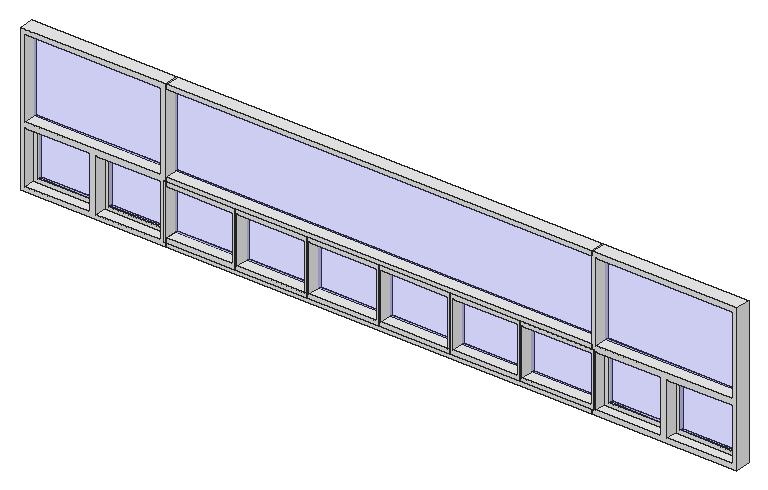
Revit family
Parameters
  창 두께 = 150 mm
  창 패널 = AW14 창 패널
  창 프레임 = AW14 창 프레임
  Rough Height = 2100 mm
  길이 1 = (Width - 4400 mm) / 2  # 1500 mm
  Height = 1500 mm
  절반 창 두께 = 창 두께 / 2  # 75 mm
  기본 씰 높이 = 900 mm
  Wall Closure = (empty or 0)
  Width = 7400 mm
Reference planes
  plane 1: y = 0
  plane 2 "중심(왼쪽/오른쪽)": x = 0
  plane 3 "왼쪽": x = -3700
  plane 4 "오른쪽": x = 3700
  plane 5 "씰": z = 900
  plane 6 "헤드": z = 2400
  plane 7 "외부": y = 100
  plane 8 "내부": y = -100
  plane 9: y = 75
  plane 10: y = -75
  plane 11: y = 35
  plane 12: x = -3655
  plane 13: x = 3655
  plane 14: x = -3645
  plane 15: x = 3645
  plane 16: z = 1500
  plane 17: z = 1545
  plane 18: y = 55
  plane 19: y = 66
  plane 20: y = 44
  plane 21: y = -11
  plane 22: y = 11
  plane 23: x = -2220
  plane 24: x = 2220
  plane 25: x = -2252.5
  plane 26: x = -2187.5
  plane 27: x = -2242.5
  plane 28: x = -2197.5
  plane 29: x = 2187.5
  plane 30: x = 2252.5
  plane 31: x = 2197.5
  plane 32: x = 2242.5
  plane 33: x = 2960
  plane 34: x = -2960
  plane 35: x = -2992.5
  plane 36: x = -2927.5
  plane 37: x = -2982.5
  plane 38: x = -2937.5
  plane 39: x = 2927.5
  plane 40: x = 2992.5
  plane 41: x = 2937.5
  plane 42: x = 2982.5
  plane 43: x = 3330
  plane 44: x = 2590
  plane 45: x = -2590
  plane 46: x = -3330
  plane 47: x = -740
  plane 48: x = 740
  plane 49: x = -1480
  plane 50: x = 1457.5
  plane 51: z = 940
  plane 52: x = 1490
  plane 53: x = 1480
  plane 54: z = 980
  plane 55: z = 2355
  plane 56: z = 990
  plane 57: z = 1460
  plane 58: z = 1450
  plane 59: z = 1490
  plane 60: z = 950
Forms (mm)
  Extrusion 1, solid, material "AW14 창 프레임" <- "창 프레임"
    sketch origin (-2000, 75, 1000) x (-1, 0, 0) y (0, 0, 1)
      loop
        line (-4197.5, 460) -> (-4197.5, -20) -> (-3480, -20) -> (-3480, 460) -> (-4197.5, 460)
      loop
        line (-4220, 500) -> (-4220, -60) -> (-3457.5, -60) -> (-3457.5, 500) -> (-4220, 500)
    from -150 to 0
  Extrusion 2, solid, material "AW14 창 프레임" <- "창 프레임"
    sketch origin (-2740, 75, 1000) x (-1, 0, 0) y (0, 0, 1)
      loop
        line (-4175, 460) -> (-4175, -20) -> (-3502.5, -20) -> (-3502.5, 460) -> (-4175, 460)
      loop
        line (-4197.5, -60) -> (-3480, -60) -> (-3480, 500) -> (-4197.5, 500) -> (-4197.5, -60)
    from -150 to 0
  Extrusion 3, solid, material "AW14 창 프레임" <- "창 프레임"
    sketch origin (-3480, 75, 1000) x (-1, 0, 0) y (0, 0, 1)
      loop
        line (-4197.5, 460) -> (-4197.5, -20) -> (-3502.5, -20) -> (-3502.5, 460) -> (-4197.5, 460)
      loop
        line (-4220, -60) -> (-3480, -60) -> (-3480, 500) -> (-4220, 500) -> (-4220, -60)
    from -150 to 0
  Extrusion 4, solid, material "AW14 창 프레임" <- "창 프레임"
    sketch origin (-4220, 75, 1000) x (-1, 0, 0) y (0, 0, 1)
      loop
        line (-4197.5, 460) -> (-4197.5, -20) -> (-3502.5, -20) -> (-3502.5, 460) -> (-4197.5, 460)
      loop
        line (-4220, -60) -> (-3480, -60) -> (-3480, 500) -> (-4220, 500) -> (-4220, -60)
    from -150 to 0
  Extrusion 5, solid, material "AW14 창 프레임" <- "창 프레임"
    sketch origin (-4960, 75, 1000) x (-1, 0, 0) y (0, 0, 1)
      loop
        line (-4197.5, 460) -> (-4197.5, -20) -> (-3502.5, -20) -> (-3502.5, 460) -> (-4197.5, 460)
      loop
        line (-4220, -60) -> (-3480, -60) -> (-3480, 500) -> (-4220, 500) -> (-4220, -60)
    from -150 to 0
  Extrusion 6, solid, material "AW14 창 프레임" <- "창 프레임"
    sketch origin (-5700, 75, 1000) x (-1, 0, 0) y (0, 0, 1)
      loop
        line (-4197.5, 460) -> (-4197.5, -20) -> (-3502.5, -20) -> (-3502.5, 460) -> (-4197.5, 460)
      loop
        line (-4220, -60) -> (-3480, -60) -> (-3480, 500) -> (-4220, 500) -> (-4220, -60)
    from -150 to 0
  Extrusion 7, solid, material "AW14 창 프레임" <- "창 프레임"
    sketch origin (-2000, 75, 1000) x (-1, 0, 0) y (0, 0, 1)
      loop
        line (-4197.5, -60) -> (-4197.5, -100) -> (197.5, -100) -> (197.5, -60) -> (-4197.5, -60)
    from -150 to 0
  Extrusion 8, solid, material "AW14 창 프레임" <- "창 프레임"
    sketch origin (-2000, 75, 1000) x (-1, 0, 0) y (0, 0, 1)
      loop
        line (-4197.5, 1400) -> (-4197.5, 1355) -> (197.5, 1355) -> (197.5, 1400) -> (-4197.5, 1400)
    from 0 to -150
  Extrusion 9, solid, material "AW14 창 패널" <- "창 패널"
    sketch origin (-2000, 75, 1000) x (-1, 0, 0) y (0, 0, 1)
      loop
        line (-4197.5, 460) -> (-4197.5, -20) -> (-3480, -20) -> (-3480, 460) -> (-4197.5, 460)
    from -31 to -9
  Extrusion 10, solid, material "AW14 창 패널" <- "창 패널"
    sketch origin (-2762.5, 75, 1000) x (-1, 0, 0) y (0, 0, 1)
      loop
        line (-4197.5, 460) -> (-4197.5, -20) -> (-3525, -20) -> (-3525, 460) -> (-4197.5, 460)
    from -31 to -9
  Extrusion 11, solid, material "AW14 창 패널" <- "창 패널"
    sketch origin (-3480, 75, 1000) x (-1, 0, 0) y (0, 0, 1)
      loop
        line (-4197.5, 460) -> (-4197.5, -20) -> (-3480, -20) -> (-3480, 460) -> (-4197.5, 460)
    from -31 to -9
  Extrusion 12, solid, material "AW14 창 패널" <- "창 패널"
    sketch origin (-4220, 75, 1000) x (-1, 0, 0) y (0, 0, 1)
      loop
        line (-4197.5, 460) -> (-4197.5, -20) -> (-3480, -20) -> (-3480, 460) -> (-4197.5, 460)
    from -31 to -9
  Extrusion 13, solid, material "AW14 창 패널" <- "창 패널"
    sketch origin (-4960, 75, 1000) x (-1, 0, 0) y (0, 0, 1)
      loop
        line (-4197.5, 460) -> (-4197.5, -20) -> (-3480, -20) -> (-3480, 460) -> (-4197.5, 460)
    from -31 to -9
  Extrusion 14, solid, material "AW14 창 패널" <- "창 패널"
    sketch origin (-5700, 75, 1000) x (-1, 0, 0) y (0, 0, 1)
      loop
        line (-4197.5, 460) -> (-4197.5, -20) -> (-3480, -20) -> (-3480, 460) -> (-4197.5, 460)
    from -31 to -9
  Extrusion 15, solid, material "AW14 창 패널" <- "창 패널"
    sketch origin (-2000, 75, 1000) x (-1, 0, 0) y (0, 0, 1)
      loop
        line (-4197.5, 1355) -> (-4197.5, 545) -> (197.5, 545) -> (197.5, 1355) -> (-4197.5, 1355)
    from -31 to -9
  Extrusion 16, solid, material "AW14 창 프레임" <- "창 프레임"
    sketch origin (-2000, 75, 1000) x (-1, 0, 0) y (0, 0, 1)
      loop
        line (-4197.5, 545) -> (-4197.5, 500) -> (197.5, 500) -> (197.5, 545) -> (-4197.5, 545)
    from 0 to -150
Lines and regions (mm)
  Opening 1
    outline origin (3500, -100, 0) x (1, 0, 0) y (0, 0, 1)
      loop
        line (197.5, 900) -> (197.5, 2400) -> (-7197.5, 2400) -> (-7197.5, 900) -> (197.5, 900)
  symbolic lines, style "입면도 스윙"
    curve 1: line (22.5, 75, 945) -> (-32.5, 75, 945)
Text (mm)
  text "외부" at (-1963.203, 1332.353, 0), in view "참조 레벨"
  text "내부" at (-1981.466, -818.386, 0), in view "참조 레벨"
  text "외부" at (0, 923.751, 2943.296), in view "오른쪽"
  text "외부" at (0, 1040.484, 2685.409), in view "왼쪽"
Dimensions and locks
  equal spacing: plane 3 "왼쪽", plane 2 "중심(왼쪽/오른쪽)", plane 4 "오른쪽"
  "Width": plane 3 "왼쪽" to plane 4 "오른쪽"
  "Height": plane 5 "씰" to plane 6 "헤드"
  "기본 씰 높이": plane 5 "씰" to level
  locked: plane 7 "외부" to host wall at 0
  locked: plane 8 "내부" to host wall
  locked: plane 16 to plane 17 at 45
  plane 9 to plane 18 to plane 11 = 20 mm locked, 20 mm locked
  plane 19 to plane 18 to plane 20 = 11 mm locked, 11 mm locked
  plane 22 to host wall to plane 21 = 11 mm locked, 11 mm locked
  plane 3 "왼쪽" to plane 12 to plane 14 = 45 mm locked, 10 mm locked
  plane 15 to plane 13 to plane 4 "오른쪽" = 10 mm locked, 45 mm locked
  locked: plane 5 "씰" to plane 16 at 600
  plane 25 to plane 27 to plane 23 to plane 28 to plane 26 = 10 mm locked, 22.5 mm locked, 22.5 mm locked, 10 mm locked
  plane 29 to plane 31 to plane 24 to plane 32 to plane 30 = 10 mm locked, 22.5 mm locked, 22.5 mm locked, 10 mm locked
  equal spacing: plane 23, plane 34, plane 3 "왼쪽"
  equal spacing: plane 24, plane 33, plane 4 "오른쪽"
  plane 35 to plane 37 to plane 34 to plane 38 to plane 36 = 10 mm locked, 22.5 mm locked, 22.5 mm locked, 10 mm locked
  plane 39 to plane 41 to plane 33 to plane 42 to plane 40 = 10 mm locked, 22.5 mm locked, 22.5 mm locked, 10 mm locked
  equal spacing: plane 33, plane 43, plane 4 "오른쪽"
  equal spacing: plane 33, plane 44, plane 24
  equal spacing: plane 34, plane 45, plane 23
  equal spacing: plane 34, plane 46, plane 3 "왼쪽"
  equal spacing: plane 3 "왼쪽", plane 23, plane 47, plane 48, plane 24, plane 4 "오른쪽"
  locked: plane 5 "씰" to plane 51 at 40
  locked: plane 50 to plane 53 at 22.5
  locked: plane 53 to plane 52 at 10
  equal spacing: plane 23, plane 49, plane 47
  equal spacing: plane 48, plane 53, plane 24
  locked: plane 51 to plane 54 at 40
  locked: plane 55 to plane 6 "헤드" at 45
  locked: plane 54 to plane 56 at 10
  "절반 창 두께": plane 9 to host wall
  "절반 창 두께": host wall to plane 10
  locked: plane 57 to plane 16 at 40
  locked: plane 58 to plane 57 at 10
  locked: plane 59 to plane 16 at 10
  locked: plane 51 to plane 60 at 10
  aligned and locked: nested 1 to plane 6 "헤드"
  aligned and locked: nested 2 to plane 6 "헤드"
  aligned and locked: Extrusion 1 sketch curve to plane 53
  aligned and locked: plane 24 to Extrusion 1 sketch curve
  aligned and locked: Extrusion 1 sketch curve to plane 50
  aligned and locked: plane 31 to Extrusion 1 sketch curve
  aligned and locked: Extrusion 1 to plane 9
  aligned and locked: Extrusion 2 to plane 50
  aligned and locked: Extrusion 3 to plane 48
  aligned and locked: plane 48 to Extrusion 2
  aligned and locked: plane 2 "중심(왼쪽/오른쪽)" to Extrusion 4
  aligned and locked: Extrusion 3 to plane 2 "중심(왼쪽/오른쪽)"
  aligned and locked: Extrusion 5 to plane 47  (x2)
  aligned and locked: Extrusion 6 to plane 49
  aligned and locked: plane 49 to Extrusion 5
  aligned and locked: plane 23 to Extrusion 6  (x2)
  aligned and locked: Extrusion 1 to plane 24
  aligned and locked: plane 31 to nested 1
  aligned and locked: plane 28 to nested 2
  aligned and locked: nested 1 to Opening 1 sketch curve
  aligned and locked: nested 2 to Opening 1 sketch curve
  aligned and locked: plane 54 to Extrusion 1 sketch curve
  aligned and locked: plane 51 to Extrusion 1 sketch curve
  aligned and locked: plane 54 to Extrusion 2 sketch curve
  aligned and locked: plane 51 to Extrusion 2 sketch curve
  aligned and locked: plane 54 to Extrusion 3 sketch curve
  aligned and locked: plane 51 to Extrusion 3 sketch curve
  aligned and locked: plane 54 to Extrusion 4 sketch curve
  aligned and locked: plane 51 to Extrusion 4 sketch curve
  aligned and locked: plane 47 to Extrusion 4 sketch curve  (x2)
  aligned and locked: plane 2 "중심(왼쪽/오른쪽)" to Extrusion 4 sketch curve  (x2)
  aligned and locked: Extrusion 4 sketch curve to plane 51
  aligned and locked: plane 54 to Extrusion 5 sketch curve
  aligned and locked: plane 51 to Extrusion 5 sketch curve
  aligned and locked: plane 49 to Extrusion 5 sketch curve  (x2)
  aligned and locked: plane 47 to Extrusion 5 sketch curve  (x2)
  aligned and locked: Extrusion 5 sketch curve to plane 51
  aligned and locked: plane 54 to Extrusion 6 sketch curve
  aligned and locked: plane 51 to Extrusion 6 sketch curve
  aligned and locked: plane 49 to Extrusion 6 sketch curve  (x2)
  aligned and locked: plane 23 to Extrusion 6 sketch curve  (x2)
  aligned and locked: Extrusion 6 sketch curve to plane 51
  aligned and locked: plane 31 to Extrusion 7 sketch curve
  aligned and locked: Extrusion 7 sketch curve to plane 51
  aligned and locked: Extrusion 7 sketch curve to plane 5 "씰"
  aligned and locked: Extrusion 7 sketch curve to plane 28
  aligned and locked: plane 9 to Extrusion 7
  aligned and locked: Extrusion 7 to plane 10
  aligned and locked: plane 31 to Extrusion 8 sketch curve
  aligned and locked: Extrusion 8 sketch curve to plane 6 "헤드"
  aligned and locked: plane 55 to Extrusion 8 sketch curve
  aligned and locked: Extrusion 8 sketch curve to plane 28
  aligned and locked: plane 9 to Extrusion 8
  aligned and locked: Extrusion 8 to plane 10
  aligned and locked: plane 31 to Extrusion 9 sketch curve
  aligned and locked: plane 54 to Extrusion 9 sketch curve
  aligned and locked: Extrusion 9 sketch curve to plane 53
  aligned and locked: Extrusion 9 to plane 20
  aligned and locked: Extrusion 9 to plane 19
  aligned and locked: plane 54 to Extrusion 10 sketch curve
  aligned and locked: plane 54 to Extrusion 11 sketch curve
  aligned and locked: plane 54 to Extrusion 12 sketch curve
  aligned and locked: plane 54 to Extrusion 13 sketch curve
  aligned and locked: plane 54 to Extrusion 14 sketch curve
  aligned and locked: Extrusion 15 sketch curve to plane 55
  aligned and locked: plane 31 to Extrusion 15 sketch curve
  aligned and locked: Extrusion 15 sketch curve to plane 17
  aligned and locked: Extrusion 15 sketch curve to plane 28
  aligned and locked: Extrusion 15 to plane 20
  aligned and locked: Extrusion 15 to plane 19
  aligned and locked: Extrusion 1 sketch curve to plane 57
  aligned and locked: Extrusion 1 sketch curve to plane 16
  aligned and locked: Extrusion 9 sketch curve to plane 57
  aligned and locked: Extrusion 2 sketch curve to plane 57
  aligned and locked: plane 16 to Extrusion 2 sketch curve  (x2)
  aligned and locked: plane 50 to Extrusion 2 sketch curve
  aligned and locked: plane 48 to Extrusion 2 sketch curve
  aligned and locked: Extrusion 10 sketch curve to plane 57
  aligned and locked: Extrusion 10 sketch curve to Extrusion 2
  aligned and locked: Extrusion 3 sketch curve to plane 57
  aligned and locked: plane 16 to Extrusion 3 sketch curve  (x2)
  aligned and locked: plane 48 to Extrusion 3 sketch curve
  aligned and locked: plane 2 "중심(왼쪽/오른쪽)" to Extrusion 3 sketch curve
  aligned and locked: Extrusion 11 sketch curve to plane 57
  aligned and locked: Extrusion 4 sketch curve to plane 57
  aligned and locked: plane 16 to Extrusion 4 sketch curve  (x2)
  aligned and locked: Extrusion 12 sketch curve to plane 57
  aligned and locked: Extrusion 5 sketch curve to plane 57
  aligned and locked: plane 16 to Extrusion 5 sketch curve  (x2)
  aligned and locked: Extrusion 13 sketch curve to plane 57
  aligned and locked: Extrusion 6 sketch curve to plane 57
  aligned and locked: plane 16 to Extrusion 6 sketch curve  (x2)
  aligned and locked: Extrusion 14 sketch curve to plane 57
  aligned and locked: plane 31 to Extrusion 16 sketch curve
  aligned and locked: Extrusion 16 sketch curve to plane 17
  aligned and locked: Extrusion 16 sketch curve to plane 16
  aligned and locked: Extrusion 16 sketch curve to plane 28
  aligned and locked: plane 9 to Extrusion 16
  aligned and locked: Extrusion 16 to plane 10
  aligned and locked: Extrusion 1 to plane 10
  aligned and locked: Extrusion 2 to plane 10
  aligned and locked: Extrusion 3 to plane 10
  aligned and locked: Extrusion 3 to plane 9
  aligned and locked: Extrusion 2 to plane 9
  aligned and locked: Extrusion 4 to plane 10
  aligned and locked: plane 9 to Extrusion 4
  aligned and locked: Extrusion 5 to plane 10
  aligned and locked: plane 9 to Extrusion 5
  aligned and locked: Extrusion 6 to plane 10
  aligned and locked: plane 9 to Extrusion 6
Automatic sketch dimensions
  Opening 1 sketch curve to plane 5 "씰" = 0 mm
  Opening 1 sketch curve to plane 6 "헤드" = 0 mm
  plane 51 to curve 1 = 5 mm
  plane 2 "중심(왼쪽/오른쪽)" to curve 1 = 22.5 mm
  curve 1 to plane 2 "중심(왼쪽/오른쪽)" = 32.5 mm
  Extrusion 1 sketch curve to plane 24 = 0 mm
  plane 50 to Extrusion 10 sketch curve = 22.5 mm
  Extrusion 11 sketch curve to plane 2 "중심(왼쪽/오른쪽)" = 0 mm
  plane 48 to Extrusion 11 sketch curve = 22.5 mm
  Extrusion 12 sketch curve to plane 47 = 0 mm
  Extrusion 12 sketch curve to plane 2 "중심(왼쪽/오른쪽)" = 22.5 mm
  Extrusion 13 sketch curve to plane 49 = 0 mm
  plane 47 to Extrusion 13 sketch curve = 22.5 mm
  Extrusion 14 sketch curve to plane 23 = 0 mm
  plane 49 to Extrusion 14 sketch curve = 22.5 mm
  plane 50 to Extrusion 2 sketch curve = 22.5 mm
  Extrusion 2 sketch curve to plane 48 = 22.5 mm
  plane 48 to Extrusion 3 sketch curve = 22.5 mm
  plane 2 "중심(왼쪽/오른쪽)" to Extrusion 3 sketch curve = 22.5 mm
  Extrusion 4 sketch curve to plane 2 "중심(왼쪽/오른쪽)" = 22.5 mm
  Extrusion 4 sketch curve to plane 47 = 22.5 mm
  plane 47 to Extrusion 5 sketch curve = 22.5 mm
  Extrusion 5 sketch curve to plane 49 = 22.5 mm
  Extrusion 6 sketch curve to plane 28 = 0 mm
  plane 49 to Extrusion 6 sketch curve = 22.5 mm
Nested families
  nested 1: "AW9 2" at (2947.5, 0, 300), type "AW9"
    with Height 1500 mm
  nested 2: "AW9 2" at (-2947.5, 0, 300) x (-1, 0, 0) z (0, 0, 1), type "AW9"
    with Height 1500 mm
Definition of nested family "AW9 2"
  Parameters (values of type "AW9")
    창 두께 = 150 mm
    창 패널 = AW26 창 패널
    창 프레임 = AW26 창 프레임
    Height = 2100 mm
    절반 창 두께 = 창 두께 / 2  # 75 mm
    기본 씰 높이 = 600 mm
    Wall Closure = (empty or 0)
    Width = 1500 mm
    Assembly Code = ""
  Types (3, lengths in mm): name | Width
    AW9 | 1500
    AW9 2 | 1600
    AW9 1 | 4500
  Reference planes
    plane 1: y = 0
    plane 2 "중심(왼쪽/오른쪽)": x = 0
    plane 3 "왼쪽": x = -750
    plane 4 "오른쪽": x = 750
    plane 5 "씰": z = 600
    plane 6 "헤드": z = 2700
    plane 7 "외부": y = 100
    plane 8 "내부": y = -100
    plane 9: y = 75
    plane 10: y = -75
    plane 11: y = 35
    plane 12: x = -705
    plane 13: x = 705
    plane 14: x = -695
    plane 15: x = 695
    plane 16: z = 1200
    plane 17: z = 1190
    plane 18: z = 1245
    plane 19: y = 55
    plane 20: y = 66
    plane 21: y = 44
    plane 22: y = -11
    plane 23: y = 11
    plane 24: x = -22.5
    plane 25: x = 22.5
    plane 26: x = -32.5
    plane 27: x = 32.5
    plane 28: z = 2655
    plane 29: z = 645
    plane 30: x = 655
    plane 31: z = 1150
    plane 32: x = -655
    plane 33: z = 685
    plane 34: x = 72.5
    plane 35: x = -72.5
    plane 36: x = 368.75
    plane 37: x = -368.75
  Forms (mm)
    Extrusion 1, solid, material "AW26 창 프레임" <- "창 프레임"
      sketch origin (-2000, 75, 1000) x (-1, 0, 0) y (0, 0, 1)
        loop
          line (-2750, 1700) -> (-2750, -400) -> (-1250, -400) -> (-1250, 1700) -> (-2750, 1700)
        loop
          line (-2705, 1655) -> (-2705, 245) -> (-1295, 245) -> (-1295, 1655) -> (-2705, 1655)
        loop
          line (-2705, -355) -> (-2032.5, -355) -> (-2032.5, 190) -> (-2705, 190) -> (-2705, -355)
        loop
          line (-1295, -355) -> (-1295, 190) -> (-1967.5, 190) -> (-1967.5, -355) -> (-1295, -355)
      from -150 to 0
    Extrusion 2, solid, material "AW26 창 프레임" <- "창 프레임"
      sketch origin (-2000, 75, 1000) x (-1, 0, 0) y (0, 0, 1)
        loop
          line (-2705, 190) -> (-2705, -355) -> (-2032.5, -355) -> (-2032.5, 190) -> (-2705, 190)
        loop
          line (-1967.5, 190) -> (-1967.5, -355) -> (-1295, -355) -> (-1295, 190) -> (-1967.5, 190)
        loop
          line (-2655, 150) -> (-2655, -315) -> (-2072.5, -315) -> (-2072.5, 150) -> (-2655, 150)
        loop
          line (-1927.5, 150) -> (-1927.5, -315) -> (-1345, -315) -> (-1345, 150) -> (-1927.5, 150)
      from -40 to 0
    Extrusion 3, solid, material "AW26 창 패널" <- "창 패널"
      sketch origin (-2000, 75, 1000) x (-1, 0, 0) y (0, 0, 1)
        loop
          line (-2705, 1655) -> (-2705, 245) -> (-1295, 245) -> (-1295, 1655) -> (-2705, 1655)
        loop
          line (-2655, 150) -> (-2655, -315) -> (-2072.5, -315) -> (-2072.5, 150) -> (-2655, 150)
        loop
          line (-1927.5, 150) -> (-1927.5, -315) -> (-1345, -315) -> (-1345, 150) -> (-1927.5, 150)
      from -31 to -9
  Lines and regions (mm)
    Opening 1
      outline origin (3500, -100, 0) x (1, 0, 0) y (0, 0, 1)
        loop
          line (-2750, 600) -> (-2750, 2700) -> (-4250, 2700) -> (-4250, 600) -> (-2750, 600)
    symbolic lines
      curve 1: line (-705, 75, 0) -> (-705, -75, 0)
      curve 2: line (705, 75, 0) -> (705, -75, 0)
      curve 3: line (-750, 75, 0) -> (750, 75, 0)
      curve 4: line (-705, 0, 0) -> (705, 0, 0)
      curve 5: line (-750, -75, 0) -> (750, -75, 0)
  Text (mm)
    text "외부" at (-1963.203, 1332.353, 0), in view "참조 레벨"
    text "내부" at (-1981.466, -818.386, 0), in view "참조 레벨"
    text "외부" at (0, 923.751, 2943.296), in view "오른쪽"
    text "외부" at (0, 1040.484, 2685.409), in view "왼쪽"
  Dimensions and locks
    equal spacing: plane 3 "왼쪽", plane 2 "중심(왼쪽/오른쪽)", plane 4 "오른쪽"
    "Width": plane 3 "왼쪽" to plane 4 "오른쪽"
    "Height": plane 5 "씰" to plane 6 "헤드"
    locked: plane 7 "외부" to host wall at 0
    locked: plane 8 "내부" to host wall
    plane 17 to plane 16 to plane 18 = 10 mm locked, 45 mm locked
    plane 9 to plane 19 to plane 11 = 20 mm locked, 20 mm locked
    plane 20 to plane 19 to plane 21 = 11 mm locked, 11 mm locked
    plane 23 to host wall to plane 22 = 11 mm locked, 11 mm locked
    plane 3 "왼쪽" to plane 12 to plane 14 = 45 mm locked, 10 mm locked
    plane 15 to plane 13 to plane 4 "오른쪽" = 10 mm locked, 45 mm locked
    plane 24 to plane 2 "중심(왼쪽/오른쪽)" to plane 25 = 22.5 mm locked, 22.5 mm locked
    locked: plane 26 to plane 24 at 10
    locked: plane 25 to plane 27 at 10
    locked: plane 5 "씰" to plane 16 at 600
    "절반 창 두께": plane 9 to plane 1
    "절반 창 두께": plane 10 to plane 1
    "기본 씰 높이": level to plane 5 "씰"
    locked: plane 28 to plane 6 "헤드" at 45
    locked: plane 5 "씰" to plane 29 at 45
    locked: plane 30 to plane 15 at 40
    locked: plane 31 to plane 17 at 40
    locked: plane 14 to plane 32 at 40
    locked: plane 29 to plane 33 at 40
    locked: plane 34 to plane 27 at 40
    locked: plane 26 to plane 35 at 40
    equal spacing: plane 27, plane 36, plane 13
    equal spacing: plane 26, plane 37, plane 12
    aligned and locked: plane 6 "헤드" to Extrusion 1 sketch curve
    aligned and locked: plane 4 "오른쪽" to Extrusion 1 sketch curve
    aligned and locked: Extrusion 1 sketch curve to plane 5 "씰"
    aligned and locked: Extrusion 1 sketch curve to plane 3 "왼쪽"
    aligned and locked: Extrusion 1 sketch curve to plane 28
    aligned and locked: plane 13 to Extrusion 1 sketch curve  (x2)
    aligned and locked: plane 29 to Extrusion 1 sketch curve  (x2)
    aligned and locked: Extrusion 1 sketch curve to plane 12
    aligned and locked: plane 18 to Extrusion 1 sketch curve
    aligned and locked: plane 12 to Extrusion 1 sketch curve
    aligned and locked: plane 17 to Extrusion 1 sketch curve  (x2)
    aligned and locked: plane 27 to Extrusion 1 sketch curve
    aligned and locked: plane 26 to Extrusion 1 sketch curve
    aligned and locked: Extrusion 1 to plane 10
    aligned and locked: plane 9 to Extrusion 1
    aligned and locked: plane 17 to Extrusion 2 sketch curve  (x2)
    aligned and locked: plane 13 to Extrusion 2 sketch curve
    aligned and locked: plane 29 to Extrusion 2 sketch curve  (x2)
    aligned and locked: plane 27 to Extrusion 2 sketch curve
    aligned and locked: Extrusion 2 sketch curve to plane 31  (x2)
    aligned and locked: Extrusion 2 sketch curve to plane 30
    aligned and locked: plane 33 to Extrusion 2 sketch curve  (x2)
    aligned and locked: Extrusion 2 sketch curve to plane 34
    aligned and locked: Extrusion 2 sketch curve to plane 26
    aligned and locked: Extrusion 2 sketch curve to plane 12
    aligned and locked: Extrusion 2 sketch curve to plane 35
    aligned and locked: Extrusion 2 sketch curve to plane 32
    aligned and locked: Extrusion 2 to plane 9
    aligned and locked: Extrusion 2 to plane 11
    aligned and locked: Extrusion 3 sketch curve to plane 28
    aligned and locked: plane 13 to Extrusion 3 sketch curve
    aligned and locked: Extrusion 3 sketch curve to plane 18
    aligned and locked: Extrusion 3 sketch curve to plane 12
    aligned and locked: Extrusion 3 sketch curve to plane 31  (x2)
    aligned and locked: Extrusion 3 sketch curve to plane 30
    aligned and locked: plane 33 to Extrusion 3 sketch curve  (x2)
    aligned and locked: Extrusion 3 sketch curve to plane 34
    aligned and locked: Extrusion 3 sketch curve to plane 35
    aligned and locked: Extrusion 3 sketch curve to plane 32
    aligned and locked: Extrusion 3 to plane 21
    aligned and locked: plane 20 to Extrusion 3
    aligned and locked: plane 13 to curve 2
    aligned and locked: plane 9 to curve 1
    aligned and locked: plane 10 to curve 1
    aligned and locked: plane 12 to curve 1
    aligned and locked: plane 3 "왼쪽" to curve 3
    aligned and locked: plane 3 "왼쪽" to curve 5
    aligned and locked: plane 12 to curve 4
    aligned and locked: plane 4 "오른쪽" to curve 3
    aligned and locked: plane 4 "오른쪽" to curve 5
    aligned and locked: plane 13 to curve 4
    aligned and locked: curve 5 to plane 10
    aligned and locked: curve 3 to plane 9
    aligned and locked: host wall to curve 4
  Automatic sketch dimensions
    Opening 1 sketch curve to plane 3 "왼쪽" = 0 mm
    Opening 1 sketch curve to plane 4 "오른쪽" = 0 mm
    Opening 1 sketch curve to plane 5 "씰" = 0 mm
    Opening 1 sketch curve to plane 6 "헤드" = 0 mm
    Extrusion 1 sketch curve to plane 17 = 0 mm
    Extrusion 1 sketch curve to plane 29 = 0 mm
